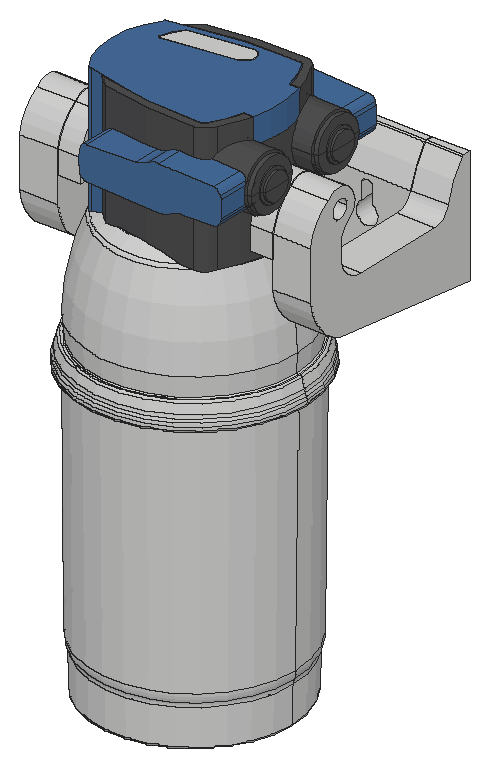
Revit family "QF_Vivreau_PURITY C50 Quell ST", category Specialty Equipment, Revit 2018
Family settings
  Round Connector Dimension = Use Diameter
  Part Type = Normal
  OmniClass Number = 23.40.40.14.24
  OmniClass Title = Food Dispensing Equipment
  Work Plane-Based = No
  Always vertical = Yes
  Cut with Voids When Loaded = No
  Shared = No
  Room Calculation Point = No
Parameters
  Width = 0' - 4 1/4"  # constant formula
  Weight in Pounds = 2.2
  Wall Bracket Location [instance] = if(Wall Bracket, 0' 0 15/16", 0' 0")  # 0' - 0 15/16"
  Wall Bracket [instance] = yes
  URL Cutsheet = ""
  URL = "www.vivreauwater.com/professional-filters"
  Status = ""
  Specification by User [instance] = ""
  Specification by Manufacturer = ""
  Serial Number [instance] = ""
  Seismic Rating = ""
  SMACNA No = ""
  Revision Code = ""
  Plumbing Remarks = ""
  Plumbing Connection Type = "NPT"
  NAFEM Spec ID Number = ""
  Mounting Height [instance] = 3' - 0"
  Model = "PURITY C50 Quell ST"
  Masterspec = "Division 11"
  Manufacturer = "Vivreau"
  Item Number [instance] = ""
  Installed By [instance] = ""
  Identify Quantity as Lot = yes
  Height = 0' - 10 55/128"  # constant formula
  Furnished By [instance] = ""
  Foodservice Equipment Identifier = yes
  Description = "Water Filter"
  Depth = 0' - 4 1/4"  # constant formula
  Cold Water Temperature Recommended = 40 °F
  Cold Water Size = 1/2"
  Cold Water RI Height = 0' - 0"
  Cold Water Minimum Pressure = 29.00 psi
  Cold Water Maximum Pressure = 124.00 psi
  Cold Water Flow = 0.264 GPM
  Cold Water Connection Height = 0' - 9 1/2"
  CSI MasterFormat = "11 46 00"
  Assembly Code = "E1090320"
Reference planes (in)
  plane 1 "BACK": y = 0
  plane 2 "REF. LAYER": z = 0
  plane 3 "LEFT": x = 0
  plane 4 "RIGHT": x = 4.25
  plane 5 "FRONT": y = -4.25
  plane 6 "Center (Left/Right)": x = 2.125
  plane 7 "Center (Front/Back)": y = -2.125
  plane 8 "Center (Bottom/Top)": z = 36
  plane 9 "Center F/C": z = 46.42969
  plane 10 "Center F/G": z = 44.65907
  plane 11 "Center F/I": z = 45.5748
  plane 12 "Center F/J": x = 4.31004
  plane 13 "Center F/K": y = 0.9375
Forms (in)
  Revolve 1, solid, material "QF_Plastic-Grey-Vivreau"
    sketch origin (0, -2.125, 0) x (1, 0, 0) y (0, 0, 1)
      loop
        arc (2.125, 36.05906) -> (2.21519, 36.05183) -> (2.30142, 36.02442) r 0.39814
        arc (2.30142, 36.02442) -> (3.14536, 36.20963) -> (3.89047, 36.64705) r 2.75591
        line (3.89047, 36.64705) -> (3.90143, 36.01947)
        arc (3.90143, 36.01947) -> (3.90735, 36.00568) -> (3.92124, 36) r 0.01982
        line (3.92124, 36) -> (3.96052, 36)
        arc (3.96052, 36) -> (3.97471, 36.00584) -> (3.98068, 36.01999) r 0.02016
        line (3.98068, 36.01999) -> (3.98664, 36.70326)
        arc (3.98664, 36.70326) -> (3.99194, 36.74693) -> (4.0068, 36.78834) r 0.19685
        arc (4.0068, 36.78834) -> (4.03653, 36.87115) -> (4.04712, 36.95849) r 0.3937
        line (4.04712, 36.95849) -> (4.08634, 41.45293)
        arc (4.08634, 41.45293) -> (4.09217, 41.46674) -> (4.10603, 41.47244) r 0.01969
        line (4.10603, 41.47244) -> (4.15964, 41.47244)
        arc (4.15964, 41.47244) -> (4.18293, 41.48007) -> (4.1972, 41.5) r 0.03937
        line (4.1972, 41.5) -> (4.22838, 41.5)
        arc (4.22838, 41.5) -> (4.24374, 41.5064) -> (4.25, 41.52181) r 0.02162
        line (4.25, 41.52181) -> (4.24945, 41.58429)
        arc (4.24945, 41.58429) -> (4.24632, 41.6176) -> (4.23759, 41.6499) r 0.19685
        line (4.23759, 41.6499) -> (4.21689, 41.70678)
        arc (4.21689, 41.70678) -> (4.20817, 41.739) -> (4.20502, 41.77223) r 0.19685
        arc (4.20502, 41.77223) -> (4.18178, 41.8544) -> (4.15109, 41.93409) r 0.92993
        arc (4.15109, 41.93409) -> (4.13723, 41.95602) -> (4.11274, 41.96457) r 0.03937
        line (4.11274, 41.96457) -> (4.07082, 41.96457)
        arc (4.07082, 41.96457) -> (4.05696, 41.97027) -> (4.05114, 41.98408) r 0.01969
        line (4.05114, 41.98408) -> (4.08267, 42.33853)
        arc (4.08267, 42.33853) -> (3.98757, 43.16493) -> (3.72096, 43.9529) r 3.93701
        arc (3.72096, 43.9529) -> (3.70104, 43.98419) -> (3.67349, 44.00902) r 0.1378
        arc (3.67349, 44.00902) -> (3.55204, 44.08728) -> (3.42666, 44.15907) r 2.75591
        line (3.42666, 44.15907) -> (3.05308, 44.15907) -> (3.05308, 44.65907) -> (2.125, 44.65907) -> (2.125, 36.05906)
      axis (2.125, 44.65907) -> (2.125, 36)
    angle from 0 to 360
Lines and regions (in)
  symbolic lines
    curve 1: arc (3.21933, -0.30345, 0) -> (0, -2.125, 0) -> (3.21933, -3.94655, 0) r 2.125
    curve 2: arc (4.21161, -2.52708, 0) -> (4.25, -2.125, 0) -> (4.21161, -1.72292, 0) r 2.125
Dimensions and locks (in)
  "Width": plane 3 "LEFT" to plane 4 "RIGHT"
  "Depth": plane 5 "FRONT" to plane 1 "BACK"
  equal spacing: plane 3 "LEFT", plane 6 "Center (Left/Right)", plane 4 "RIGHT"
  equal spacing: plane 5 "FRONT", plane 7 "Center (Front/Back)", plane 1 "BACK"
  "Mounting Height": plane 8 "Center (Bottom/Top)" to plane 2 "REF. LAYER"
  plane 11 "Center F/I" to plane 10 "Center F/G" to plane 8 "Center (Bottom/Top)" = 0' - 0.91573" locked, 0' - 8.65907" locked
  "Height": plane 9 "Center F/C" to plane 8 "Center (Bottom/Top)"
  Revolve 1 sketch curve to Revolve 1 sketch curve to Revolve 1 sketch curve to Revolve 1 sketch curve to Revolve 1 sketch curve to Revolve 1 sketch curve to Revolve 1 sketch curve to Revolve 1 sketch curve to Revolve 1 sketch curve to Revolve 1 sketch curve to Revolve 1 sketch curve to Revolve 1 sketch curve to Revolve 1 sketch curve to Revolve 1 sketch curve to Revolve 1 sketch curve to Revolve 1 sketch curve to Revolve 1 sketch curve to Revolve 1 sketch curve to Revolve 1 sketch curve to Revolve 1 sketch curve to Revolve 1 sketch curve to Revolve 1 sketch curve = 0' - 0 1/2" locked, 0' - 0.15005" locked, 0' - 0.05613" locked, 0' - 1.96882" locked, 0' - 0 5/256" locked, 0' - 0.03047" locked, 0' - 0.16186" locked, 0' - 0.06545" locked, 0' - 0.05689" locked, 0' - 0.06561" locked, 0' - 0.06248" locked, 0' - 0.02181" locked, 0' - 0.02756" locked, 0' - 0 5/256" locked, 0' - 4.49444" locked, 0' - 0.25522" locked, 0' - 0.05622" locked, 0' - 0.58799" locked, 0' - 0.03464" locked, 0' - 0.00443" locked, 0' - 0.00051" locked
  locked: plane 4 "RIGHT" to plane 12 "Center F/J" at 0.06004
  "Wall Bracket Location": plane 1 "BACK" to plane 13 "Center F/K"
  aligned and locked: level to plane 2 "REF. LAYER"
  aligned and locked: plane 7 "Center (Front/Back)" to nested 1
  aligned and locked: nested 1 to plane 12 "Center F/J"
  aligned and locked: plane 13 "Center F/K" to nested 2
Automatic sketch dimensions
  Revolve 1 sketch curve to plane 6 "Center (Left/Right)" = 0' - 0"  (x2)
  Revolve 1 sketch curve to plane 10 "Center F/G" = 0' - 0"  (x2)
  Revolve 1 sketch curve to plane 8 "Center (Bottom/Top)" = 0' - 0"
  Revolve 1 sketch curve to plane 4 "RIGHT" = 0' - 0"
  Revolve 1 sketch curve to plane 6 "Center (Left/Right)" = 0' - 0.00455"
  plane 3 "LEFT" to Revolve 1 sketch curve = 0' - 0.14581"
  plane 6 "Center (Left/Right)" to Revolve 1 sketch curve = 0' - 0.01349"
  plane 6 "Center (Left/Right)" to Revolve 1 sketch curve = 0' - 0.01495"
  plane 6 "Center (Left/Right)" to Revolve 1 sketch curve = 0' - 0.92808"
  Revolve 1 sketch curve to plane 4 "RIGHT" = 0' - 0.95046"
  Revolve 1 sketch curve to Revolve 1 sketch curve = 0' - 0.37358"
  Revolve 1 sketch curve to Revolve 1 sketch curve = 0' - 0.16917"
  Revolve 1 sketch curve to plane 4 "RIGHT" = 0' - 0.59657"
  Revolve 1 sketch curve to plane 4 "RIGHT" = 0' - 0.35953"
  Revolve 1 sketch curve to plane 4 "RIGHT" = 0' - 0.34857"
  Revolve 1 sketch curve to Revolve 1 sketch curve = 0' - 0.01982"
  Revolve 1 sketch curve to Revolve 1 sketch curve = 0' - 0.03928"
  Revolve 1 sketch curve to Revolve 1 sketch curve = 0' - 0.02016"
  Revolve 1 sketch curve to Revolve 1 sketch curve = 0' - 0.09617"
  Revolve 1 sketch curve to plane 4 "RIGHT" = 0' - 0.20288"
  Revolve 1 sketch curve to plane 4 "RIGHT" = 0' - 0.19886"
  Revolve 1 sketch curve to plane 4 "RIGHT" = 0' - 0.19739"
  Revolve 1 sketch curve to Revolve 1 sketch curve = 0' - 0.01968"  (x2)
  Revolve 1 sketch curve to plane 4 "RIGHT" = 0' - 0.16733"
  Revolve 1 sketch curve to Revolve 1 sketch curve = 0' - 0.03373"
  Revolve 1 sketch curve to Revolve 1 sketch curve = 0' - 0.04192"
  Revolve 1 sketch curve to Revolve 1 sketch curve = 0' - 0.05361"
  Revolve 1 sketch curve to plane 4 "RIGHT" = 0' - 0.06651"
  Revolve 1 sketch curve to Revolve 1 sketch curve = 0' - 0.03756"
  Revolve 1 sketch curve to plane 4 "RIGHT" = 0' - 0.03311"
  Revolve 1 sketch curve to plane 4 "RIGHT" = 0' - 0.02162"
  Revolve 1 sketch curve to plane 4 "RIGHT" = 0' - 0.01241"
  Revolve 1 sketch curve to plane 4 "RIGHT" = 0' - 0.00055"
  plane 12 "Center F/J" to Revolve 1 sketch curve = 0' - 0.09182"
  Revolve 1 sketch curve to Revolve 1 sketch curve = 0' - 0.00172"
  Revolve 1 sketch curve to Revolve 1 sketch curve = 0' - 0.00344"
  Revolve 1 sketch curve to Revolve 1 sketch curve = 0' - 0.02213"
  Revolve 1 sketch curve to Revolve 1 sketch curve = 0' - 0.17194"
  Revolve 1 sketch curve to Revolve 1 sketch curve = 0' - 0.06733"
  Revolve 1 sketch curve to Revolve 1 sketch curve = 0' - 0.5718"
  Revolve 1 sketch curve to Revolve 1 sketch curve = 0' - 0.35428"
  Revolve 1 sketch curve to Revolve 1 sketch curve = 0' - 0.86652"
  Revolve 1 sketch curve to plane 8 "Center (Bottom/Top)" = 0' - 0.33886"
  curve 1 to curve 2 = 0' - 0"  (x2)
  curve 2 to plane 6 "Center (Left/Right)" = 0' - 0"
  plane 7 "Center (Front/Back)" to curve 2 = 0' - 0"
  curve 1 to plane 5 "FRONT" = 0' - 0.30345"
  curve 1 to plane 4 "RIGHT" = 0' - 1.03067"
  plane 1 "BACK" to curve 1 = 0' - 0.30345"
  curve 2 to plane 4 "RIGHT" = 0' - 0.03839"  (x2)
  plane 7 "Center (Front/Back)" to curve 2 = 0' - 0.40208"
Nested families (in)
  nested 1: "QF_Vivreau_ Filter Head" at (0.56167, -0.22503, 0), Mounting Height <- "Mounting Height", type "QF_Vivreau_ Filter Head"
    with Specification by User "", Serial Number "", Mounting Height 3' - 0", Installed By "", Furnished By ""
  nested 2: "QF_Vivreau_Wall Bracket" at (-0.61927, 0.9375, 0), Mounting Height <- "Mounting Height", visible <- "Wall Bracket", type "QF_Vivreau_Wall Bracket"
    with Specification by User "", Serial Number "", Mounting Height 3' - 0", Installed By "", Furnished By ""
Connectors (in)
  piping at (4.31004, -2.9124, 45.57422), diameter 0.5, driven by "Cold Water Size", driven by "Cold Water Flow"
    settings: on nested 1, index 1, connector inside diameter 24", connector length 0' - 0", flow factor 0, pipe flow 0.264 GPM, pressure drop 0.00 psi, fitting loss kfactor 0, connector angle 0.00°, fixture units 0, engagement length 0' - 0", angle of deflection 0.00°, flow configuration 1, flow direction 1, fitting loss method 0, system type 20, joint type 0, gender type 0, connector reference index -1, connector utility 0, adjustable connector no, is connector primary yes, connector description "Cold Water"
Definition of nested family "QF_Vivreau_ Filter Head"
  Parameters (values of type "QF_Vivreau_ Filter Head")
    Width = 3' - 0"
    Weight in Pounds = 0
    URL Cutsheet = ""
    Status = ""
    Specification by User [instance] = ""
    Specification by Manufacturer = ""
    Serial Number [instance] = ""
    Seismic Rating = ""
    SMACNA No = ""
    Revision Code = ""
    NAFEM Spec ID Number = ""
    Mounting Height [instance] = 3' - 0"
    Masterspec = ""
    Installed By [instance] = ""
    Identify Quantity as Lot = yes
    Height = 3' - 0"
    Furnished By [instance] = ""
    Foodservice Equipment Identifier = yes
    Depth = 3' - 0"
    CSI MasterFormat = ""
  Reference planes (in)
    plane 1 "BACK": y = 0
    plane 2 "REF. LAYER": z = 0
    plane 3 "LEFT": x = 0
    plane 4 "Center F/C": x = 3.74837
    plane 5 "Center F/D": y = -3.83618
    plane 6 "Center F/E": z = 45.57422
    plane 7 "Center F/F": z = 46.4291
    plane 8 "Center F/G": z = 44.00529
    plane 9 "Center F/H": z = 45.10088
    plane 10 "Center F/I": z = 45.92897
    plane 11 "Center F/J": y = -1.89997
    plane 12 "Center F/K": z = 36
    plane 13 "Center F/L": z = 46.28629
  Forms (in)
    Extrusion 1, solid
      sketch origin (-0.56167, 0.22503, 0) x (1, 0, 0) y (0, 1, 0)
        loop
          arc (3.17939, -3.30146) -> (3.22697, -3.28602) -> (3.25911, -3.24769) r 0.09059
          arc (3.25911, -3.24769) -> (3.55796, -2.125) -> (3.25911, -1.00231) r 2.25819
          arc (3.25911, -1.00231) -> (3.22697, -0.96398) -> (3.17939, -0.94854) r 0.09059
          arc (3.17939, -0.94854) -> (2.02567, -0.99526) -> (0.89165, -1.21272) r 7.75678
          arc (0.89165, -1.21272) -> (0.86179, -1.21999) -> (0.83702, -1.2382) r 0.07824
          arc (0.83702, -1.2382) -> (0.56167, -2.125) -> (0.83702, -3.0118) r 1.56569
          arc (0.83702, -3.0118) -> (0.86179, -3.03001) -> (0.89165, -3.03728) r 0.07824
          arc (0.89165, -3.03728) -> (2.02567, -3.25474) -> (3.17939, -3.30146) r 7.75678
      from 44.00529 to 46.4291
    Revolve 2, solid
      sketch origin (-16.04659, -180, 45.57422) x (-1, 0, 0) y (0, -1, 0)
        loop
          line (-19.59812, -178.88743) -> (-18.72075, -178.88743) -> (-18.7668, -178.36111) -> (-19.59812, -178.37562) -> (-19.59812, -178.88743)
        axis (-18.72075, -178.88743) -> (-19.59812, -178.88743)
      angle from 0 to 360
    Revolve 3, solid
      sketch origin (-16.04659, -180, 45.57422) x (-1, 0, 0) y (0, -1, 0)
        loop
          line (-19.59812, -177.31262) -> (-18.72075, -177.31262) -> (-18.7668, -176.7863) -> (-19.59812, -176.80081) -> (-19.59812, -177.31262)
        axis (-18.72075, -177.31262) -> (-19.59812, -177.31262)
      angle from 0 to 360
    Extrusion 4, void
      sketch origin (-0.56167, 0.22503, 0) x (0, 1, 0) y (0, 0, 1)
        loop
          circle (-2.125, 45.04272) r 0.20757
      from 3.17075 to 3.77712
    Extrusion 5, void
      sketch origin (-2.8954, 0.22503, 0) x (0, 1, 0) y (0, 0, 1)
        loop
          circle (-2.125, 45.04272) r 0.20757
      from 2.77402 to 3.28855
    Revolve 6, solid
      sketch origin (-16.04659, -180, 45.57422) x (-1, 0, 0) y (0, -1, 0)
        loop
          line (-19.59812, -178.88743) -> (-19.59812, -178.41499) -> (-19.69654, -178.41499) -> (-19.69654, -178.58034) -> (-19.73591, -178.58379) -> (-19.73591, -178.63349) -> (-19.79497, -178.63349) -> (-19.79497, -178.88743) -> (-19.59812, -178.88743)
        axis (-19.59812, -178.88743) -> (-19.79497, -178.88743)
      angle from 0 to 360
    Revolve 7, solid
      sketch origin (-16.04659, -180, 45.57422) x (-1, 0, 0) y (0, -1, 0)
        loop
          line (-19.59812, -177.31262) -> (-19.59812, -176.84018) -> (-19.69654, -176.84018) -> (-19.69654, -177.00554) -> (-19.73591, -177.00898) -> (-19.73591, -177.05869) -> (-19.79497, -177.05869) -> (-19.79497, -177.31262) -> (-19.59812, -177.31262)
        axis (-19.59812, -177.31262) -> (-19.79497, -177.31262)
      angle from 0 to 360
    Extrusion 8, solid
      sketch origin (0, 0, 0) x (0, 1, 0) y (0, 0, 1)
        loop
          circle (-1.89997, 45.04272) r 0.20757
        loop
          circle (-1.89997, 45.04272) r 0.14507
      from 2.60908 to 3.21169
    Extrusion 9, solid
      sketch origin (-2.62125, 0, 0) x (0, 1, 0) y (0, 0, 1)
        loop
          circle (-1.89997, 45.04272) r 0.20757
        loop
          circle (-1.89997, 45.04272) r 0.14507
      from 2.60908 to 3.01441
    Extrusion 10, solid
      sketch origin (0, 0, 0) x (1, 0, 0) y (0, 1, 0)
        loop
          arc (2.61773, -0.72352) -> (2.65703, -0.73399) -> (2.68778, -0.7606) r 0.09059
          arc (2.68778, -0.7606) -> (2.99629, -1.89997) -> (2.68778, -3.03935) r 2.25819
          arc (2.68778, -3.03935) -> (2.65703, -3.06596) -> (2.61773, -3.07643) r 0.09059
          arc (2.61773, -3.07643) -> (1.60555, -3.04475) -> (0.60613, -2.88147) r 7.75678
          arc (0.60613, -2.88147) -> (0.72009, -2.98959) -> (0.8462, -3.08325) r 1.30616
          arc (0.8462, -3.08325) -> (1.72654, -3.2138) -> (2.6163, -3.23254) r 7.05821
          arc (2.6163, -3.23254) -> (2.77551, -3.16312) -> (2.87152, -3.01839) r 0.30684
          arc (2.87152, -3.01839) -> (3.18694, -1.89997) -> (2.87152, -0.78156) r 2.14057
          arc (2.87152, -0.78156) -> (2.77551, -0.63683) -> (2.6163, -0.5674) r 0.30684
          arc (2.6163, -0.5674) -> (1.72654, -0.58614) -> (0.8462, -0.7167) r 7.05821
          arc (0.8462, -0.7167) -> (0.72009, -0.81036) -> (0.60613, -0.91847) r 1.30616
          arc (0.60613, -0.91847) -> (1.60555, -0.7552) -> (2.61773, -0.72352) r 7.75678
      from 44.00529 to 46.4291
    Extrusion 11, void
      sketch origin (0, 0, 0) x (1, 0, 0) y (0, 1, 0)
        loop
          arc (2.92876, -1.35185) -> (2.99629, -1.89997) -> (2.92876, -2.4481) r 2.25819
          line (2.92876, -2.4481) -> (3.11557, -2.4481)
          arc (3.11557, -2.4481) -> (3.18694, -1.89997) -> (3.11557, -1.35185) r 2.14057
          line (3.11557, -1.35185) -> (2.92876, -1.35185)
      from 45.92897 to 46.4291
    Extrusion 12, solid
      sketch origin (0, 0, 0) x (1, 0, 0) y (0, 1, 0)
        loop
          arc (0.70049, -1.02146) -> (0.59462, -1.21203) -> (0.51669, -1.41563) r 1.54109
          arc (0.51669, -1.41563) -> (0.54, -1.44367) -> (0.57618, -1.44818) r 0.04958
          arc (0.57618, -1.44818) -> (1.21574, -1.31536) -> (1.86503, -1.24405) r 6.85047
          arc (1.86503, -1.24405) -> (2.03249, -1.03201) -> (1.82552, -0.85833) r 0.19395
          arc (1.82552, -0.85833) -> (1.26009, -0.91975) -> (0.70049, -1.02146) r 7.94315
      from 46.28629 to 46.4291
    Extrusion 13, solid
      sketch origin (0, 0, 0) x (1, 0, 0) y (0, 1, 0)
        loop
          arc (3.11557, -2.4481) -> (3.18694, -1.89997) -> (3.11557, -1.35185) r 2.14057
          line (3.11557, -1.35185) -> (2.92876, -1.35185)
          arc (2.92876, -1.35185) -> (2.99629, -1.89997) -> (2.92876, -2.4481) r 2.25819
          line (2.92876, -2.4481) -> (3.11557, -2.4481)
      from 45.92897 to 46.4291
    Extrusion 14, void
      sketch origin (0, 0, 0) x (1, 0, 0) y (0, 1, 0)
        loop
          arc (0.57618, -1.44818) -> (1.21574, -1.31536) -> (1.86503, -1.24405) r 6.85047
          arc (1.86503, -1.24405) -> (2.03249, -1.03201) -> (1.82552, -0.85833) r 0.19395
          arc (1.82552, -0.85833) -> (1.26009, -0.91975) -> (0.70049, -1.02146) r 7.94315
          arc (0.70049, -1.02146) -> (0.59462, -1.21203) -> (0.51669, -1.41563) r 1.54109
          arc (0.51669, -1.41563) -> (0.54, -1.44367) -> (0.57618, -1.44818) r 0.04958
      from 46.28629 to 46.4291
  Cuts and joins
    Extrusion 4, Extrusion 5, Extrusion 14 cuts Extrusion 1
    joined: Extrusion 1, Extrusion 13
    Extrusion 11 cuts Extrusion 10
  Lines and regions (in)
    symbolic lines
      curve 1: arc (0.32999, -2.81225, 0) -> (1.464, -3.02972, 0) -> (2.61773, -3.07643, 0) r 7.75678
      curve 2: arc (2.61773, -3.07643, 0) -> (2.6653, -3.061, 0) -> (2.69744, -3.02266, 0) r 0.09059
      curve 3: arc (2.69744, -3.02266, 0) -> (2.99629, -1.89997, 0) -> (2.69744, -0.77728, 0) r 2.25819
      curve 4: arc (2.69744, -0.77728, 0) -> (2.6653, -0.73895, 0) -> (2.61773, -0.72352, 0) r 0.09059
      curve 5: arc (2.61773, -0.72352, 0) -> (1.464, -0.77023, 0) -> (0.32999, -0.9877, 0) r 7.75678
      curve 6: arc (0.32999, -0.9877, 0) -> (0.30012, -0.99496, 0) -> (0.27535, -1.01317, 0) r 0.07824
      curve 7: arc (0.27535, -1.01317, 0) -> (0, -1.89997, 0) -> (0.27535, -2.78678, 0) r 1.56569
      curve 8: arc (0.27535, -2.78678, 0) -> (0.30012, -2.80499, 0) -> (0.32999, -2.81225, 0) r 0.07824
      curve 9: line (3.74837, -2.94131, 0) -> (3.68932, -2.94131, 0)
      curve 10: arc (0.85161, -0.6986, 0) -> (0.82653, -0.78661, 0) -> (0.80424, -0.87538, 0) r 2.89017
      curve 11: arc (0.85161, -0.6986, 0) -> (0.87512, -0.61425, 0) -> (0.90582, -0.53225, 0) r 1.0142
      curve 12: arc (0.90582, -0.53225, 0) -> (0.95826, -0.37458, 0) -> (1.01402, -0.21806, 0) r 7.87402
      curve 13: arc (1.01402, -0.21806, 0) -> (1.03304, -0.19156, 0) -> (1.06321, -0.17918, 0) r 0.05912
      curve 14: arc (1.06321, -0.17918, 0) -> (2.22788, -0.07327, 0) -> (3.39529, -0.1428, 0) r 7.79531
      curve 15: arc (3.39529, -0.1428, 0) -> (3.42859, -0.1583, 0) -> (3.44724, -0.18996, 0) r 0.0619
      curve 16: arc (3.44724, -0.18996, 0) -> (3.48188, -0.39473, 0) -> (3.50801, -0.60076, 0) r 5.02104
      curve 17: line (3.64995, -0.64013, 0) -> (3.55152, -0.64013, 0)
      curve 18: line (3.55152, -0.64013, 0) -> (3.55152, -0.60076, 0)
      curve 19: line (3.55152, -0.60076, 0) -> (3.50801, -0.60076, 0)
      curve 20: line (3.55152, -0.64013, 0) -> (3.55152, -1.62438, 0)
      curve 21: line (3.55152, -1.62438, 0) -> (3.16998, -1.63104, 0)
      curve 22: line (3.64995, -1.58501, 0) -> (3.55152, -1.58501, 0)
      curve 23: line (3.64995, -1.58501, 0) -> (3.64995, -0.64013, 0)
      curve 24: line (3.68932, -1.41621, 0) -> (3.64995, -1.41966, 0)
      curve 25: line (3.68932, -1.41621, 0) -> (3.68932, -0.80849, 0)
      curve 26: line (3.74837, -0.85864, 0) -> (3.68932, -0.85864, 0)
      curve 27: line (3.74837, -0.85864, 0) -> (3.74837, -1.36651, 0)
      curve 28: line (3.74837, -1.36651, 0) -> (3.68932, -1.36651, 0)
      curve 29: line (3.64995, -3.15982, 0) -> (3.55152, -3.15982, 0)
      curve 30: line (3.55152, -3.15982, 0) -> (3.55152, -3.19919, 0)
      curve 31: line (3.55152, -3.19919, 0) -> (3.50801, -3.19919, 0)
      curve 32: line (3.55152, -3.15982, 0) -> (3.55152, -2.17556, 0)
      curve 33: line (3.64995, -2.21493, 0) -> (3.55152, -2.21493, 0)
      curve 34: line (3.64995, -2.21493, 0) -> (3.64995, -3.15982, 0)
      curve 35: line (3.68932, -2.38373, 0) -> (3.64995, -2.38029, 0)
      curve 36: line (3.68932, -2.38373, 0) -> (3.68932, -2.99146, 0)
      curve 37: line (3.74837, -2.94131, 0) -> (3.68932, -2.94131, 0)
      curve 38: line (3.74837, -2.94131, 0) -> (3.74837, -2.43344, 0)
      curve 39: line (3.74837, -2.43344, 0) -> (3.68932, -2.43344, 0)
      curve 40: arc (0.85161, -3.10135, 0) -> (0.82653, -3.01334, 0) -> (0.80424, -2.92457, 0) r 2.89017
      curve 41: arc (0.85161, -3.10135, 0) -> (0.87512, -3.1857, 0) -> (0.90582, -3.2677, 0) r 1.0142
      curve 42: arc (0.90582, -3.2677, 0) -> (0.95826, -3.42537, 0) -> (1.01402, -3.58189, 0) r 7.87402
      curve 43: arc (1.01402, -3.58189, 0) -> (1.03304, -3.60839, 0) -> (1.06321, -3.62077, 0) r 0.05912
      curve 44: arc (1.06321, -3.62077, 0) -> (2.22788, -3.72667, 0) -> (3.39529, -3.65715, 0) r 7.79531
      curve 45: arc (3.39529, -3.65715, 0) -> (3.42859, -3.64164, 0) -> (3.44724, -3.60999, 0) r 0.0619
      curve 46: arc (3.44724, -3.60999, 0) -> (3.48188, -3.40522, 0) -> (3.50801, -3.19919, 0) r 5.02104
      curve 47: line (3.55152, -3.15982, 0) -> (3.55152, -3.19919, 0)
      curve 48: line (3.55152, -3.19919, 0) -> (3.50801, -3.19919, 0)
      curve 49: line (3.55152, -3.15982, 0) -> (3.55152, -2.17556, 0)
      curve 50: line (3.55152, -2.17556, 0) -> (3.16998, -2.1689, 0)
      curve 51: line (0, 0, 0) -> (3.74837, 0, 0)
      curve 52: line (0, -1.89997, 0) -> (2.99629, -1.89997, 0)
      curve 53: line (3.64995, -0.80549, 0) -> (3.68932, -0.80849, 0)
      curve 54: line (3.64995, -2.99446, 0) -> (3.68932, -2.99146, 0)
      curve 55: arc (2.6163, -0.5674, 0) -> (1.72654, -0.58614, 0) -> (0.8462, -0.7167, 0) r 7.05821
      curve 56: arc (0.8462, -0.7167, 0) -> (0.72009, -0.81036, 0) -> (0.60613, -0.91847, 0) r 1.30616
      curve 57: arc (2.87152, -0.78156, 0) -> (2.77551, -0.63683, 0) -> (2.6163, -0.5674, 0) r 0.30684
      curve 58: arc (2.87152, -3.01839, 0) -> (3.18694, -1.89997, 0) -> (2.87152, -0.78156, 0) r 2.14057
      curve 59: arc (2.6163, -3.23254, 0) -> (2.77551, -3.16312, 0) -> (2.87152, -3.01839, 0) r 0.30684
      curve 60: arc (0.8462, -3.08325, 0) -> (1.72654, -3.2138, 0) -> (2.6163, -3.23254, 0) r 7.05821
      curve 61: arc (0.60613, -2.88147, 0) -> (0.72009, -2.98959, 0) -> (0.8462, -3.08325, 0) r 1.30616
  Dimensions and locks (in)
    plane 7 "Center F/F" to plane 10 "Center F/I" to plane 6 "Center F/E" to plane 9 "Center F/H" to plane 8 "Center F/G" = 0' - 0.50013" locked, 0' - 0.35475" locked, 0' - 0.47334" locked, 0' - 1.09559" locked
    "Mounting Height": plane 12 "Center F/K" to plane 2 "REF. LAYER"
    plane 5 "Center F/D" to plane 11 "Center F/J" to plane 1 "BACK" = 0' - 1.93621" locked, 0' - 1.89997" locked
    locked: plane 6 "Center F/E" to nested 1 at 0.05953
    locked: plane 8 "Center F/G" to plane 12 "Center F/K" at 8.00529
    locked: plane 7 "Center F/F" to plane 13 "Center F/L" at 0.14281
    aligned and locked: level to plane 2 "REF. LAYER"
    aligned and locked: plane 7 "Center F/F" to cut or joined group of Extrusion 1, Extrusion 4, Extrusion 5, Extrusion 13, Extrusion 14
    aligned and locked: cut or joined group of Extrusion 1, Extrusion 4, Extrusion 5, Extrusion 13, Extrusion 14 to plane 8 "Center F/G"
    aligned and locked: plane 3 "LEFT" to curve 51
    aligned and locked: plane 4 "Center F/C" to curve 51
    aligned and locked: curve 51 to plane 2 "REF. LAYER"
    aligned and locked: plane 11 "Center F/J" to curve 52
    aligned and locked: nested 1 to plane 11 "Center F/J"
    aligned and locked: plane 11 "Center F/J" to nested 1
    aligned and locked: Extrusion 10 to cut or joined group of Extrusion 1, Extrusion 4, Extrusion 5, Extrusion 13, Extrusion 14
    aligned and locked: cut or joined group of Extrusion 1, Extrusion 4, Extrusion 5, Extrusion 13, Extrusion 14 to Extrusion 10
    aligned and locked: Extrusion 11 to cut or joined group of Extrusion 1, Extrusion 4, Extrusion 5, Extrusion 13, Extrusion 14
    aligned and locked: Extrusion 11 to plane 10 "Center F/I"
    aligned and locked: cut or joined group of Extrusion 1, Extrusion 4, Extrusion 5, Extrusion 13, Extrusion 14 to Extrusion 12
    aligned and locked: Extrusion 13 to cut or joined group of Extrusion 1, Extrusion 4, Extrusion 5, Extrusion 13, Extrusion 14
    aligned and locked: Extrusion 13 to plane 10 "Center F/I"
    aligned and locked: cut or joined group of Extrusion 1, Extrusion 4, Extrusion 5, Extrusion 13, Extrusion 14 to Extrusion 14
    aligned and locked: Extrusion 14 to plane 13 "Center F/L"
    aligned and locked: Extrusion 12 to plane 13 "Center F/L"
    aligned and locked: plane 13 "Center F/L" to Extrusion 12
  Automatic sketch dimensions
    curve 52 to plane 3 "LEFT" = 0' - 0"
    plane 11 "Center F/J" to curve 3 = 0' - 0"
    plane 11 "Center F/J" to curve 7 = 0' - 0"
    curve 39 to plane 4 "Center F/C" = 0' - 0"
    curve 28 to plane 4 "Center F/C" = 0' - 0"
    curve 16 to plane 3 "LEFT" = 0' - 1.48511"
    curve 46 to plane 3 "LEFT" = 0' - 1.48511"
    plane 3 "LEFT" to curve 8 = 0' - 0.33318"
    plane 3 "LEFT" to curve 6 = 0' - 0.33318"
    plane 3 "LEFT" to curve 3 = 0' - 0.7381"
    plane 1 "BACK" to curve 13 = 0' - 0.23795"
    plane 3 "LEFT" to curve 13 = 0' - 1.0697"
    curve 43 to plane 5 "Center F/D" = 0' - 0.27418"
    plane 3 "LEFT" to curve 43 = 0' - 1.0697"
    curve 3 to curve 7 = 0' - 0.82759"
    curve 7 to curve 11 = 0' - 0.27372"
    curve 7 to curve 41 = 0' - 0.27372"
    curve 14 to plane 4 "Center F/C" = 0' - 1.39888"
    curve 44 to plane 4 "Center F/C" = 0' - 1.39888"
    curve 44 to curve 1 = 0' - 0.00431"
    curve 14 to curve 5 = 0' - 0.00431"
    curve 41 to curve 2 = 0' - 0.77523"
    curve 11 to curve 4 = 0' - 0.77523"
    plane 1 "BACK" to curve 15 = 0' - 0.20414"
    curve 15 to plane 4 "Center F/C" = 0' - 0.36139"
    curve 45 to plane 4 "Center F/C" = 0' - 0.36139"
    curve 48 to plane 4 "Center F/C" = 0' - 0.24036"
    curve 19 to plane 4 "Center F/C" = 0' - 0.24036"
    curve 16 to curve 19 = 0' - 0.04351"
    curve 31 to curve 48 = 0' - 0.04351"
    curve 22 to curve 10 = 0' - 0.0667"
    curve 33 to curve 40 = 0' - 0.0667"
    curve 17 to curve 17 = 0' - 0.09843"
    curve 29 to curve 34 = 0' - 0.09843"
    curve 24 to curve 25 = 0' - 0.03937"
    curve 35 to curve 35 = 0' - 0.03937"
    plane 1 "BACK" to curve 42 = 0' - 0.86161"
    plane 4 "Center F/C" to curve 42 = 0' - 4.65484"
    curve 12 to plane 5 "Center F/D" = 0' - 0.89785"
    curve 12 to curve 42 = 0' - 0"
    curve 45 to plane 5 "Center F/D" = 0' - 0.24037"
    plane 5 "Center F/D" to curve 14 = 0' - 4.03145"
    curve 5 to curve 14 = 0' - 0.60817"
    curve 45 to curve 47 = 0' - 0.39662"
    curve 30 to curve 34 = 0' - 0.03937"
    curve 29 to curve 36 = 0' - 0.16836"
    curve 2 to plane 5 "Center F/D" = 0' - 0.85029"
    curve 36 to curve 9 = 0' - 0.05014"
    curve 2 to curve 41 = 0' - 0.11446"
    plane 11 "Center F/J" to curve 8 = 0' - 0.8341"
    plane 11 "Center F/J" to curve 46 = 0' - 0.77047"
    curve 9 to curve 39 = 0' - 0.50787"
    curve 39 to curve 36 = 0' - 0.04971"
    curve 35 to curve 40 = 0' - 0.11843"
    curve 40 to curve 34 = 0' - 0.05037"
    curve 33 to curve 49 = 0' - 0.03937"
    curve 21 to plane 11 "Center F/J" = 0' - 0.27559"
    curve 20 to curve 22 = 0' - 0.03937"
    curve 22 to curve 10 = 0' - 0.05037"
    curve 10 to curve 24 = 0' - 0.11843"
    curve 24 to curve 27 = 0' - 0.04971"
    curve 16 to plane 11 "Center F/J" = 0' - 0.77047"
    curve 6 to plane 11 "Center F/J" = 0' - 0.8341"
    plane 1 "BACK" to curve 11 = 0' - 0.92852"
    curve 27 to curve 26 = 0' - 0.50787"
    curve 11 to curve 4 = 0' - 0.11446"
    curve 26 to curve 25 = 0' - 0.05014"
    curve 25 to curve 17 = 0' - 0.16836"
    curve 17 to curve 19 = 0' - 0.03937"
    curve 44 to curve 1 = 0' - 0.60817"
    curve 8 to curve 8 = 0' - 0.05783"
    curve 6 to curve 6 = 0' - 0.05783"
    curve 7 to curve 6 = 0' - 0.05464"
    curve 8 to curve 8 = 0' - 0.05464"
    curve 8 to curve 40 = 0' - 0.47425"
    curve 5 to curve 10 = 0' - 0.47425"
    curve 40 to curve 40 = 0' - 0.04737"
    curve 10 to curve 10 = 0' - 0.04737"
    curve 10 to curve 11 = 0' - 0.05421"
    curve 41 to curve 41 = 0' - 0.05421"
    curve 43 to curve 43 = 0' - 0.05568"
    curve 12 to curve 13 = 0' - 0.05568"
    curve 43 to curve 43 = 0' - 0.00649"
    curve 13 to curve 13 = 0' - 0.00649"
    curve 4 to curve 5 = 0' - 0"
    curve 2 to curve 1 = 0' - 0"
    curve 2 to curve 2 = 0' - 0.08279"
    curve 21 to plane 11 "Center F/J" = 0' - 0.26893"
    curve 15 to curve 14 = 0' - 0"
    curve 45 to curve 44 = 0' - 0"
    curve 54 to curve 36 = 0' - 0.00301"
    curve 35 to curve 35 = 0' - 0.00344"
    curve 24 to curve 24 = 0' - 0.00344"
    curve 25 to curve 53 = 0' - 0.00301"
    plane 11 "Center F/J" to Extrusion 1 sketch curve = 0' - 0"  (x2)
    plane 3 "LEFT" to Extrusion 1 sketch curve = 0' - 0.33318"  (x2)
    plane 3 "LEFT" to Extrusion 1 sketch curve = 0' - 0.7381"
    Extrusion 1 sketch curve to Extrusion 1 sketch curve = 0' - 0.82759"
    Extrusion 1 sketch curve to plane 4 "Center F/C" = 0' - 1.39457"  (x2)
    Extrusion 1 sketch curve to plane 4 "Center F/C" = 0' - 1.13373"  (x2)
    plane 11 "Center F/J" to Extrusion 1 sketch curve = 0' - 0.8341"
    Extrusion 1 sketch curve to plane 5 "Center F/D" = 0' - 0.85029"
    plane 5 "Center F/D" to Extrusion 1 sketch curve = 0' - 4.63962"
    Extrusion 1 sketch curve to plane 11 "Center F/J" = 0' - 0.8341"
    plane 1 "BACK" to Extrusion 1 sketch curve = 0' - 0.81406"
    Extrusion 1 sketch curve to plane 1 "BACK" = 0' - 4.67585"
    Extrusion 1 sketch curve to Extrusion 1 sketch curve = 0' - 0.0032"  (x2)
    Extrusion 1 sketch curve to Extrusion 1 sketch curve = 0' - 0.05464"  (x2)
    Extrusion 1 sketch curve to Extrusion 1 sketch curve = 0' - 0.00308"  (x2)
    Extrusion 1 sketch curve to Extrusion 1 sketch curve = 0' - 0"
    Extrusion 1 sketch curve to Extrusion 1 sketch curve = 0' - 0.08279"
    Revolve 2 sketch curve to plane 4 "Center F/C" = 0' - 0.19685"
    Revolve 2 sketch curve to plane 11 "Center F/J" = 0' - 0.26108"
    Revolve 2 sketch curve to Revolve 2 sketch curve = 0' - 0.83132"
    Revolve 2 sketch curve to Revolve 2 sketch curve = 0' - 0.04605"
    Revolve 2 sketch curve to plane 11 "Center F/J" = 0' - 0.27559"
    Revolve 2 sketch curve to Revolve 2 sketch curve = 0' - 0.52632"
    Revolve 2 sketch curve to Revolve 2 sketch curve = 0' - 0"  (x3)
    Revolve 3 sketch curve to plane 4 "Center F/C" = 0' - 0.19685"
    Revolve 3 sketch curve to Revolve 3 sketch curve = 0' - 0.83132"
    Revolve 3 sketch curve to Revolve 3 sketch curve = 0' - 0.04605"
    plane 11 "Center F/J" to Revolve 3 sketch curve = 0' - 0.7874"
    Revolve 3 sketch curve to Revolve 3 sketch curve = 0' - 0.51181"
    Revolve 3 sketch curve to Revolve 3 sketch curve = 0' - 0.52632"
    Revolve 3 sketch curve to Revolve 3 sketch curve = 0' - 0"  (x3)
    Extrusion 4 sketch curve to plane 11 "Center F/J" = 0' - 0"
    Extrusion 4 sketch curve to plane 9 "Center F/H" = 0' - 0.05816"
    Extrusion 5 sketch curve to plane 11 "Center F/J" = 0' - 0"
    Extrusion 5 sketch curve to plane 9 "Center F/H" = 0' - 0.05816"
    Revolve 6 sketch curve to plane 4 "Center F/C" = 0' - 0"
    Revolve 6 sketch curve to plane 4 "Center F/C" = 0' - 0.05906"
    Revolve 6 sketch curve to Revolve 6 sketch curve = 0' - 0.03937"
    Revolve 6 sketch curve to Revolve 6 sketch curve = 0' - 0.09843"
    Revolve 6 sketch curve to plane 11 "Center F/J" = 0' - 0.7874"
    Revolve 6 sketch curve to Revolve 6 sketch curve = 0' - 0.25394"
    Revolve 6 sketch curve to Revolve 6 sketch curve = 0' - 0.04971"
    Revolve 6 sketch curve to Revolve 6 sketch curve = 0' - 0.00344"
    Revolve 6 sketch curve to Revolve 6 sketch curve = 0' - 0.16535"
    Revolve 6 sketch curve to Revolve 6 sketch curve = 0' - 0.0902"
    Revolve 6 sketch curve to Revolve 6 sketch curve = 0' - 0"  (x2)
    Revolve 7 sketch curve to plane 4 "Center F/C" = 0' - 0"
    Revolve 7 sketch curve to plane 4 "Center F/C" = 0' - 0.05906"
    Revolve 7 sketch curve to Revolve 7 sketch curve = 0' - 0.03937"
    Revolve 7 sketch curve to Revolve 7 sketch curve = 0' - 0.09843"
    plane 11 "Center F/J" to Revolve 7 sketch curve = 0' - 0.7874"
    Revolve 7 sketch curve to Revolve 7 sketch curve = 0' - 0.25394"
    Revolve 7 sketch curve to Revolve 7 sketch curve = 0' - 0.04971"
    Revolve 7 sketch curve to Revolve 7 sketch curve = 0' - 0.00344"
    Revolve 7 sketch curve to Revolve 7 sketch curve = 0' - 0.16535"
    Revolve 7 sketch curve to Revolve 7 sketch curve = 0' - 0.0902"
    Revolve 7 sketch curve to Revolve 7 sketch curve = 0' - 0"  (x2)
    Extrusion 8 sketch curve to Extrusion 8 sketch curve = 0' - 0"  (x6)
    Extrusion 8 sketch curve to plane 11 "Center F/J" = 0' - 0"
    Extrusion 8 sketch curve to plane 9 "Center F/H" = 0' - 0.05816"
    Extrusion 8 sketch curve to Extrusion 8 sketch curve = 0' - 0.14507"
    Extrusion 9 sketch curve to Extrusion 9 sketch curve = 0' - 0"  (x6)
    Extrusion 9 sketch curve to plane 11 "Center F/J" = 0' - 0"
    Extrusion 9 sketch curve to plane 9 "Center F/H" = 0' - 0.05816"
    Extrusion 9 sketch curve to Extrusion 9 sketch curve = 0' - 0.14507"
    plane 11 "Center F/J" to Extrusion 10 sketch curve = 0' - 0"  (x2)
    plane 3 "LEFT" to Extrusion 10 sketch curve = 0' - 0.7381"
    Extrusion 10 sketch curve to Extrusion 10 sketch curve = 0' - 0.30827"
    plane 11 "Center F/J" to Extrusion 10 sketch curve = 0' - 0.08971"
    Extrusion 10 sketch curve to Extrusion 10 sketch curve = 0' - 0.5141"
    Extrusion 10 sketch curve to Extrusion 10 sketch curve = 0' - 0"  (x3)
    Extrusion 10 sketch curve to plane 4 "Center F/C" = 0' - 1.42862"  (x2)
    Extrusion 10 sketch curve to Extrusion 10 sketch curve = 0' - 0.03406"  (x2)
    Extrusion 10 sketch curve to plane 4 "Center F/C" = 0' - 1.1701"  (x2)
    Extrusion 10 sketch curve to Extrusion 10 sketch curve = 0' - 0.03637"  (x2)
    Extrusion 10 sketch curve to plane 5 "Center F/D" = 0' - 0.90812"
    Extrusion 10 sketch curve to Extrusion 10 sketch curve = 0' - 0.05782"  (x2)
    plane 5 "Center F/D" to Extrusion 10 sketch curve = 0' - 3.78319"
    Extrusion 10 sketch curve to Extrusion 10 sketch curve = 0' - 0.85642"  (x2)
    Extrusion 10 sketch curve to plane 11 "Center F/J" = 0' - 0.08971"
    plane 1 "BACK" to Extrusion 10 sketch curve = 0' - 0.87188"
    plane 3 "LEFT" to Extrusion 10 sketch curve = 0' - 0.60613"  (x2)
    Extrusion 10 sketch curve to Extrusion 10 sketch curve = 0' - 0.24007"  (x2)
    Extrusion 10 sketch curve to Extrusion 10 sketch curve = 0' - 0.00166"  (x2)
    Extrusion 10 sketch curve to Extrusion 10 sketch curve = 0' - 0.00308"  (x2)
    Extrusion 10 sketch curve to Extrusion 10 sketch curve = 0' - 0.07006"
    Extrusion 10 sketch curve to Extrusion 10 sketch curve = 0' - 0.18374"  (x2)
    plane 11 "Center F/J" to Extrusion 11 sketch curve = 0' - 0"  (x2)
    plane 3 "LEFT" to Extrusion 11 sketch curve = 0' - 0.7381"
    Extrusion 11 sketch curve to Extrusion 11 sketch curve = 0' - 0.30827"
    Extrusion 11 sketch curve to Extrusion 11 sketch curve = 0' - 0.18681"  (x2)
    plane 11 "Center F/J" to Extrusion 11 sketch curve = 0' - 0.54813"
    Extrusion 11 sketch curve to plane 4 "Center F/C" = 0' - 0.81961"
    plane 3 "LEFT" to Extrusion 12 sketch curve = 0' - 0.5638"
    Extrusion 12 sketch curve to Extrusion 12 sketch curve = 0' - 1.27575"
    Extrusion 12 sketch curve to plane 11 "Center F/J" = 0' - 0.03665"
    Extrusion 12 sketch curve to Extrusion 12 sketch curve = 0' - 0.15177"
    Extrusion 12 sketch curve to Extrusion 12 sketch curve = 0' - 0.11254"
    Extrusion 12 sketch curve to Extrusion 12 sketch curve = 0' - 0 179/256"
    Extrusion 12 sketch curve to plane 11 "Center F/J" = 0' - 0.4998"
    Extrusion 12 sketch curve to Extrusion 12 sketch curve = 0' - 0.81155"
    Extrusion 12 sketch curve to Extrusion 12 sketch curve = 0' - 0.04711"
    Extrusion 12 sketch curve to Extrusion 12 sketch curve = 0' - 0.01238"
    Extrusion 12 sketch curve to Extrusion 12 sketch curve = 0' - 0"  (x2)
    Extrusion 12 sketch curve to Extrusion 12 sketch curve = 0' - 0.13669"
    Extrusion 12 sketch curve to Extrusion 12 sketch curve = 0' - 0.01403"
    Extrusion 12 sketch curve to Extrusion 12 sketch curve = 0' - 0.02548"
    curve 55 to curve 14 = 0' - 0.02974"
    curve 14 to curve 55 = 0' - 0.24825"
    curve 55 to curve 10 = 0' - 0.00541"
    curve 55 to curve 4 = 0' - 0.00142"
    curve 56 to curve 7 = 0' - 0.00522"
    curve 56 to plane 11 "Center F/J" = 0' - 0.08971"
    curve 56 to curve 10 = 0' - 0.19811"
    curve 57 to curve 4 = 0' - 0.03637"
    curve 57 to curve 4 = 0' - 0.05782"
    curve 3 to curve 57 = 0' - 0.17408"
    plane 11 "Center F/J" to curve 58 = 0' - 0"
    curve 3 to curve 58 = 0' - 0.30827"
    curve 2 to curve 58 = 0' - 0.17408"
    curve 59 to curve 2 = 0' - 0.03637"
    curve 2 to curve 59 = 0' - 0.05782"
    curve 59 to curve 1 = 0' - 0.00142"
    curve 60 to curve 44 = 0' - 0.02974"
    curve 60 to curve 44 = 0' - 0.24825"
    curve 61 to curve 7 = 0' - 0.00522"
    plane 11 "Center F/J" to curve 61 = 0' - 0.08971"
    curve 61 to curve 40 = 0' - 0.19811"
    curve 52 to curve 21 = 0' - 0.17368"
    curve 52 to curve 50 = 0' - 0.17368"
    plane 11 "Center F/J" to Extrusion 13 sketch curve = 0' - 0"  (x2)
    plane 3 "LEFT" to Extrusion 13 sketch curve = 0' - 0.7381"
    Extrusion 13 sketch curve to Extrusion 13 sketch curve = 0' - 0.30827"
    Extrusion 13 sketch curve to plane 4 "Center F/C" = 0' - 0.81961"
    Extrusion 13 sketch curve to Extrusion 13 sketch curve = 0' - 0.18681"  (x2)
    Extrusion 13 sketch curve to plane 11 "Center F/J" = 0' - 0.54813"
    plane 3 "LEFT" to Extrusion 14 sketch curve = 0' - 0.5638"
    Extrusion 14 sketch curve to Extrusion 14 sketch curve = 0' - 1.27575"
    Extrusion 14 sketch curve to plane 11 "Center F/J" = 0' - 0.03665"
    Extrusion 14 sketch curve to Extrusion 14 sketch curve = 0' - 0.15177"
    Extrusion 14 sketch curve to plane 4 "Center F/C" = 0' - 1.46099"
    Extrusion 14 sketch curve to Extrusion 14 sketch curve = 0' - 0.11254"
    plane 5 "Center F/D" to Extrusion 14 sketch curve = 0' - 4.2453"
    Extrusion 14 sketch curve to Extrusion 14 sketch curve = 0' - 0 179/256"
    Extrusion 14 sketch curve to plane 11 "Center F/J" = 0' - 0.4998"
    Extrusion 14 sketch curve to Extrusion 14 sketch curve = 0' - 0.81155"
    Extrusion 14 sketch curve to Extrusion 14 sketch curve = 0' - 0.04711"
    Extrusion 14 sketch curve to Extrusion 14 sketch curve = 0' - 0.01238"
    Extrusion 14 sketch curve to Extrusion 14 sketch curve = 0' - 0"  (x2)
    Extrusion 14 sketch curve to Extrusion 14 sketch curve = 0' - 0.13669"
    radius of Extrusion 4 sketch curve = 0' - 0.20757"
    radius of Extrusion 5 sketch curve = 0' - 0.20757"
    radius of Extrusion 8 sketch curve = 0' - 0.20757"
    radius of Extrusion 9 sketch curve = 0' - 0.20757"
  Nested families (in)
    nested 1: "QF_Vivreau_Filter Handles" at (0, 0.00348, 45.10097), type "QF_Vivreau_Filter Handles"
      with Specification by User "", Serial Number "", Installed By "", Furnished By ""
  Definition of nested family "QF_Vivreau_Filter Handles"
    Parameters (values of type "QF_Vivreau_Filter Handles")
      Width = 3' - 0"
      Weight in Pounds = 0
      URL Cutsheet = ""
      Status = ""
      Specification by User [instance] = ""
      Specification by Manufacturer = ""
      Serial Number [instance] = ""
      Seismic Rating = ""
      SMACNA No = ""
      Revision Code = ""
      NAFEM Spec ID Number = ""
      Masterspec = ""
      Installed By [instance] = ""
      Identify Quantity as Lot = yes
      Height = 3' - 0"
      Furnished By [instance] = ""
      Foodservice Equipment Identifier = yes
      Depth = 3' - 0"
      CSI MasterFormat = ""
    Reference planes (in)
      plane 1 "BACK": y = 0
      plane 2 "REF. LAYER": z = 0
      plane 3 "LEFT": x = 0
      plane 4 "Center F/C": y = -3.80691
      plane 5 "Center F/D": y = -1.90346
      plane 6 "Center F/E": z = 0.82744
      plane 7 "Center F/G": z = 0.41372
    Forms (in)
      Extrusion 1, solid
        sketch origin (0, 0, 0.00057) x (1, 0, 0) y (0, 0, 1)
          loop
            arc (0.8571, 0.55383) -> (0.83682, 0.35511) -> (0.85692, 0.15637) r 0.98817
            arc (0.85692, 0.15637) -> (0.86589, 0.12276) -> (0.88395, 0.09303) r 0.12237
            arc (0.88395, 0.09303) -> (0.93471, 0.05225) -> (0.99753, 0.03515) r 0.15952
            arc (0.99753, 0.03515) -> (1.67538, 0.00582) -> (2.35383, -0.00057) r 20.04898
            arc (2.35383, -0.00057) -> (2.46018, 0.01423) -> (2.5591, 0.056) r 0.41198
            arc (2.5591, 0.056) -> (2.66038, 0.09965) -> (2.76926, 0.11724) r 0.44816
            arc (2.76926, 0.11724) -> (2.80698, 0.11798) -> (2.84471, 0.11743) r 1.0994
            arc (2.84471, 0.11743) -> (3.11065, 0.13237) -> (3.37687, 0.14075) r 10.80002
            arc (3.37687, 0.14075) -> (3.46417, 0.17008) -> (3.51799, 0.24481) r 0.15034
            arc (3.51799, 0.24481) -> (3.52598, 0.27307) -> (3.53184, 0.30184) r 0.39378
            arc (3.53184, 0.30184) -> (3.5372, 0.4622) -> (3.53184, 0.62256) r 2.40126
            arc (3.53184, 0.62256) -> (3.52497, 0.65354) -> (3.51681, 0.6842) r 0.75395
            arc (3.51681, 0.6842) -> (3.46404, 0.75745) -> (3.37897, 0.78767) r 0.1515
            line (3.37897, 0.78767) -> (2.35397, 0.82744)
            arc (2.35397, 0.82744) -> (2.24358, 0.81406) -> (2.14136, 0.77028) r 0.39277
            arc (2.14136, 0.77028) -> (2.03449, 0.72381) -> (1.91904, 0.70788) r 0.42817
            arc (1.91904, 0.70788) -> (1.45811, 0.69557) -> (0.99753, 0.67361) r 21.98526
            arc (0.99753, 0.67361) -> (0.93424, 0.65729) -> (0.88352, 0.61606) r 0.1531
            arc (0.88352, 0.61606) -> (0.86721, 0.58626) -> (0.8571, 0.55383) r 0.17143
        from 0.08356 to 0.9172
      Extrusion 2, solid
        sketch origin (0, -2.80616, 0.00057) x (1, 0, 0) y (0, 0, 1)
          loop
            arc (0.8571, 0.55383) -> (0.83682, 0.35511) -> (0.85692, 0.15637) r 0.98817
            arc (0.85692, 0.15637) -> (0.86589, 0.12276) -> (0.88395, 0.09303) r 0.12237
            arc (0.88395, 0.09303) -> (0.93471, 0.05225) -> (0.99753, 0.03515) r 0.15952
            arc (0.99753, 0.03515) -> (1.67538, 0.00582) -> (2.35383, -0.00057) r 20.04898
            arc (2.35383, -0.00057) -> (2.46018, 0.01423) -> (2.5591, 0.056) r 0.41198
            arc (2.5591, 0.056) -> (2.66038, 0.09965) -> (2.76926, 0.11724) r 0.44816
            arc (2.76926, 0.11724) -> (2.80698, 0.11798) -> (2.84471, 0.11743) r 1.0994
            arc (2.84471, 0.11743) -> (3.11065, 0.13237) -> (3.37687, 0.14075) r 10.80002
            arc (3.37687, 0.14075) -> (3.46417, 0.17008) -> (3.51799, 0.24481) r 0.15034
            arc (3.51799, 0.24481) -> (3.52598, 0.27307) -> (3.53184, 0.30184) r 0.39378
            arc (3.53184, 0.30184) -> (3.5372, 0.4622) -> (3.53184, 0.62256) r 2.40126
            arc (3.53184, 0.62256) -> (3.52497, 0.65354) -> (3.51681, 0.6842) r 0.75395
            arc (3.51681, 0.6842) -> (3.46404, 0.75745) -> (3.37897, 0.78767) r 0.1515
            line (3.37897, 0.78767) -> (2.35397, 0.82744)
            arc (2.35397, 0.82744) -> (2.24358, 0.81406) -> (2.14136, 0.77028) r 0.39277
            arc (2.14136, 0.77028) -> (2.03449, 0.72381) -> (1.91904, 0.70788) r 0.42817
            arc (1.91904, 0.70788) -> (1.45811, 0.69557) -> (0.99753, 0.67361) r 21.98526
            arc (0.99753, 0.67361) -> (0.93424, 0.65729) -> (0.88352, 0.61606) r 0.1531
            arc (0.88352, 0.61606) -> (0.86721, 0.58626) -> (0.8571, 0.55383) r 0.17143
        from 0.08356 to 0.9172
    Lines and regions (in)
      symbolic lines
        curve 1: line (1.75, -1.90346, 0) -> (3.5, -1.90346, 0)
        curve 2: line (0.83856, 0, 0.41372) -> (3.5367, 0, 0.41372)
    Dimensions and locks (in)
      locked: plane 6 "Center F/E" to plane 2 "REF. LAYER" at 0.82744
      equal spacing: plane 6 "Center F/E", plane 7 "Center F/G", plane 2 "REF. LAYER"
      aligned and locked: level to plane 2 "REF. LAYER"
    Automatic sketch dimensions
      curve 2 to plane 7 "Center F/G" = 0' - 0"
      plane 3 "LEFT" to curve 2 = 0' - 0.83856"
      curve 2 to curve 2 = 0' - 2.69814"
      curve 1 to plane 5 "Center F/D" = 0' - 0"
      plane 3 "LEFT" to curve 1 = 0' - 1 3/4"
      curve 1 to curve 1 = 0' - 1 3/4"
      Extrusion 1 sketch curve to level = 0' - 0"  (x2)
      level to Extrusion 1 sketch curve = 0' - 0.17134"
      plane 3 "LEFT" to Extrusion 1 sketch curve = 0' - 0.97844"
      plane 7 "Center F/G" to Extrusion 1 sketch curve = 0' - 0.10746"
      Extrusion 1 sketch curve to Extrusion 1 sketch curve = 0' - 0.02478"
      Extrusion 1 sketch curve to Extrusion 1 sketch curve = 0' - 0.02868"
      Extrusion 1 sketch curve to Extrusion 1 sketch curve = 0' - 0.02179"
      plane 7 "Center F/G" to Extrusion 1 sketch curve = 0' - 0.04905"
      Extrusion 1 sketch curve to Extrusion 1 sketch curve = 0' - 0.11092"
      Extrusion 1 sketch curve to plane 7 "Center F/G" = 0' - 0.05849"
      Extrusion 1 sketch curve to Extrusion 1 sketch curve = 0' - 0.68906"
      Extrusion 1 sketch curve to Extrusion 1 sketch curve = 0' - 0.09378"
      plane 3 "LEFT" to Extrusion 1 sketch curve = 0' - 2.20319"
      plane 3 "LEFT" to Extrusion 1 sketch curve = 0' - 2.27513"
      plane 7 "Center F/G" to Extrusion 1 sketch curve = 0' - 0.0216"
      Extrusion 1 sketch curve to Extrusion 1 sketch curve = 0' - 0.52056"
      Extrusion 1 sketch curve to plane 7 "Center F/G" = 0' - 0.00175"
      Extrusion 1 sketch curve to Extrusion 1 sketch curve = 0' - 0.00519"
      plane 6 "Center F/E" to Extrusion 1 sketch curve = 0' - 0.00057"
      Extrusion 1 sketch curve to Extrusion 1 sketch curve = 0' - 0.00842"
      Extrusion 1 sketch curve to Extrusion 1 sketch curve = 0' - 0.43503"
      plane 7 "Center F/G" to Extrusion 1 sketch curve = 0' - 0.06185"
      Extrusion 1 sketch curve to Extrusion 1 sketch curve = 0' - 0.44173"
      Extrusion 1 sketch curve to Extrusion 1 sketch curve = 0' - 0.02398"
      Extrusion 1 sketch curve to plane 7 "Center F/G" = 0' - 0.04717"
      Extrusion 1 sketch curve to Extrusion 1 sketch curve = 0' - 0.35084"
      Extrusion 1 sketch curve to Extrusion 1 sketch curve = 0' - 0.22978"
      Extrusion 1 sketch curve to Extrusion 1 sketch curve = 0' - 0.23163"
      Extrusion 1 sketch curve to plane 6 "Center F/E" = 0' - 0.0392"
      Extrusion 1 sketch curve to Extrusion 1 sketch curve = 0' - 0.00587"
      plane 3 "LEFT" to Extrusion 1 sketch curve = 0' - 3.58344"
      Extrusion 1 sketch curve to level = 0' - 0.33005"
      Extrusion 1 sketch curve to Extrusion 1 sketch curve = 0' - 0.6508"
      Extrusion 1 sketch curve to Extrusion 1 sketch curve = 0' - 9.67588"
      Extrusion 1 sketch curve to Extrusion 1 sketch curve = 0' - 10 79/128"
      Extrusion 1 sketch curve to Extrusion 1 sketch curve = 0' - 0.0236"
      Extrusion 1 sketch curve to plane 7 "Center F/G" = 0' - 0.12208"
      Extrusion 1 sketch curve to Extrusion 1 sketch curve = 0' - 0.00134"
      Extrusion 1 sketch curve to Extrusion 1 sketch curve = 0' - 0.15138"
      plane 6 "Center F/E" to Extrusion 1 sketch curve = 0' - 0.30918"
      Extrusion 1 sketch curve to Extrusion 1 sketch curve = 1' - 6.91181"
      level to Extrusion 1 sketch curve = 0' - 0.09359"
      Extrusion 1 sketch curve to Extrusion 1 sketch curve = 0' - 0"  (x5)
      Extrusion 1 sketch curve to Extrusion 1 sketch curve = 0' - 0.1197"
      Extrusion 1 sketch curve to Extrusion 1 sketch curve = 0' - 0.02642"
      Extrusion 1 sketch curve to Extrusion 1 sketch curve = 0' - 0.11401"
      Extrusion 1 sketch curve to plane 6 "Center F/E" = 0' - 0.11899"
      Extrusion 1 sketch curve to Extrusion 1 sketch curve = 0' - 0.07545"
      level to Extrusion 1 sketch curve = 0' - 0.14131"
      Extrusion 1 sketch curve to plane 6 "Center F/E" = 0' - 0.14267"
      Extrusion 1 sketch curve to Extrusion 1 sketch curve = 0' - 0.01385"
      Extrusion 2 sketch curve to level = 0' - 0"  (x2)
      level to Extrusion 2 sketch curve = 0' - 0.17134"
      plane 3 "LEFT" to Extrusion 2 sketch curve = 0' - 0.97844"
      plane 7 "Center F/G" to Extrusion 2 sketch curve = 0' - 0.10746"
      Extrusion 2 sketch curve to Extrusion 2 sketch curve = 0' - 0.02478"
      Extrusion 2 sketch curve to Extrusion 2 sketch curve = 0' - 0.02868"
      Extrusion 2 sketch curve to Extrusion 2 sketch curve = 0' - 0.02179"
      plane 7 "Center F/G" to Extrusion 2 sketch curve = 0' - 0.04905"
      Extrusion 2 sketch curve to Extrusion 2 sketch curve = 0' - 0.11092"
      Extrusion 2 sketch curve to plane 7 "Center F/G" = 0' - 0.05849"
      Extrusion 2 sketch curve to Extrusion 2 sketch curve = 0' - 0.68906"
      Extrusion 2 sketch curve to Extrusion 2 sketch curve = 0' - 0.09378"
      plane 3 "LEFT" to Extrusion 2 sketch curve = 0' - 2.20319"
      plane 3 "LEFT" to Extrusion 2 sketch curve = 0' - 2.27513"
      plane 7 "Center F/G" to Extrusion 2 sketch curve = 0' - 0.0216"
      Extrusion 2 sketch curve to Extrusion 2 sketch curve = 0' - 0.52056"
      Extrusion 2 sketch curve to plane 7 "Center F/G" = 0' - 0.00175"
      Extrusion 2 sketch curve to Extrusion 2 sketch curve = 0' - 0.00519"
      plane 6 "Center F/E" to Extrusion 2 sketch curve = 0' - 0.00057"
      Extrusion 2 sketch curve to Extrusion 2 sketch curve = 0' - 0.00842"
      Extrusion 2 sketch curve to Extrusion 2 sketch curve = 0' - 0.43503"
      plane 7 "Center F/G" to Extrusion 2 sketch curve = 0' - 0.06185"
      Extrusion 2 sketch curve to Extrusion 2 sketch curve = 0' - 0.44173"
      Extrusion 2 sketch curve to Extrusion 2 sketch curve = 0' - 0.02398"
      Extrusion 2 sketch curve to plane 7 "Center F/G" = 0' - 0.04717"
      Extrusion 2 sketch curve to Extrusion 2 sketch curve = 0' - 0.35084"
      Extrusion 2 sketch curve to Extrusion 2 sketch curve = 0' - 0.22978"
      Extrusion 2 sketch curve to Extrusion 2 sketch curve = 0' - 0.23163"
      Extrusion 2 sketch curve to plane 6 "Center F/E" = 0' - 0.0392"
      Extrusion 2 sketch curve to Extrusion 2 sketch curve = 0' - 0.00587"
      plane 3 "LEFT" to Extrusion 2 sketch curve = 0' - 3.58344"
      Extrusion 2 sketch curve to level = 0' - 0.33005"
      Extrusion 2 sketch curve to Extrusion 2 sketch curve = 0' - 0.6508"
      Extrusion 2 sketch curve to Extrusion 2 sketch curve = 0' - 9.67588"
      Extrusion 2 sketch curve to Extrusion 2 sketch curve = 0' - 10 79/128"
      Extrusion 2 sketch curve to Extrusion 2 sketch curve = 0' - 0.0236"
      Extrusion 2 sketch curve to plane 7 "Center F/G" = 0' - 0.12208"
      Extrusion 2 sketch curve to Extrusion 2 sketch curve = 0' - 0.00134"
      Extrusion 2 sketch curve to Extrusion 2 sketch curve = 0' - 0.15138"
      plane 6 "Center F/E" to Extrusion 2 sketch curve = 0' - 0.30918"
      Extrusion 2 sketch curve to Extrusion 2 sketch curve = 1' - 6.91181"
      level to Extrusion 2 sketch curve = 0' - 0.09359"
      Extrusion 2 sketch curve to Extrusion 2 sketch curve = 0' - 0"  (x5)
      Extrusion 2 sketch curve to Extrusion 2 sketch curve = 0' - 0.1197"
      Extrusion 2 sketch curve to Extrusion 2 sketch curve = 0' - 0.02642"
      Extrusion 2 sketch curve to Extrusion 2 sketch curve = 0' - 0.11401"
      Extrusion 2 sketch curve to plane 6 "Center F/E" = 0' - 0.11899"
      Extrusion 2 sketch curve to Extrusion 2 sketch curve = 0' - 0.07545"
      level to Extrusion 2 sketch curve = 0' - 0.14131"
      Extrusion 2 sketch curve to plane 6 "Center F/E" = 0' - 0.14267"
      Extrusion 2 sketch curve to Extrusion 2 sketch curve = 0' - 0.01385"
Definition of nested family "QF_Vivreau_Wall Bracket"
  Parameters (values of type "QF_Vivreau_Wall Bracket")
    Width = 3' - 0"
    Weight in Pounds = 0
    URL Cutsheet = ""
    Status = ""
    Specification by User [instance] = ""
    Specification by Manufacturer = ""
    Serial Number [instance] = ""
    Seismic Rating = ""
    SMACNA No = ""
    Revision Code = ""
    NAFEM Spec ID Number = ""
    Mounting Height [instance] = 3' - 0"
    Masterspec = ""
    Installed By [instance] = ""
    Identify Quantity as Lot = yes
    Height = 3' - 0"
    Furnished By [instance] = ""
    Foodservice Equipment Identifier = yes
    Depth = 0' - 3 191/256"
    CSI MasterFormat = ""
  Reference planes (in)
    plane 1 "BACK": y = 0
    plane 2 "REF. LAYER": z = 0
    plane 3 "LEFT": x = 0
    plane 4 "FRONT": y = -3.74609
    plane 5 "Center (Front/Back)": y = -1.87305
    plane 6 "Center (Bottom/Top)": z = 42.48032
    plane 7 "RIGHT": x = 5.48742
    plane 8 "Center (Left/Right)": x = 2.74371
    plane 9 "Center F/C": z = 45.04297
    plane 10 "Center F/D": z = 45.40894
    plane 11 "Center F/E": z = 44.67901
    plane 12 "Center F/F": z = 43.73564
    plane 13 "Center F/H": z = 36
  Forms (in)
    Extrusion 1, solid
      sketch origin (0, 0, 0) x (0, 1, 0) y (0, 0, 1)
        loop
          line (0, 44.67901) -> (-0.13295, 44.67901)
          arc (-0.13295, 44.67901) -> (-0.15231, 44.67159) -> (-0.16772, 44.65773) r 0.05688
          arc (-0.16772, 44.65773) -> (-0.36722, 44.33734) -> (-0.50028, 43.98416) r 1.92285
          arc (-0.50028, 43.98416) -> (-0.61574, 43.80826) -> (-0.81322, 43.73564) r 0.33566
          line (-0.81322, 43.73564) -> (-2.54186, 43.73564)
